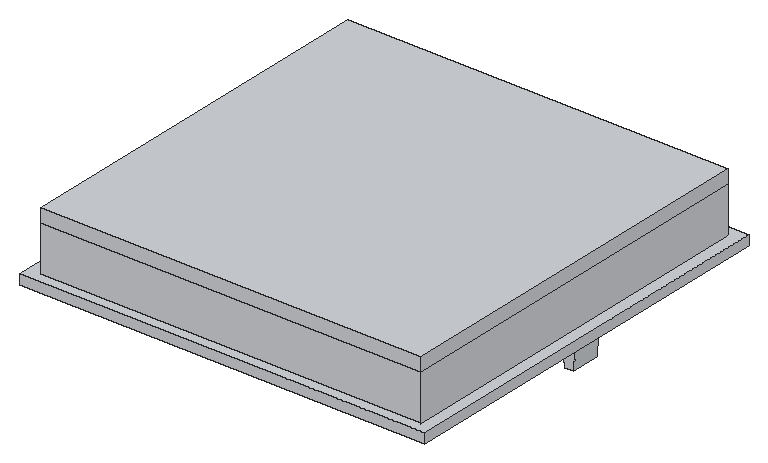
Revit family "Gira_028567", category Electrical Fixtures, host Face, Revit 2017
Family settings
  Host = Face
  Maintain Annotation Orientation = No
  Round Connector Dimension = Use Diameter
  Part Type = Normal
  Cut with Voids When Loaded = No
  Shared = No
  Room Calculation Point = No
Parameters (values of type "Wippe Symb. Licht Gira TX_44 (WG UP) Anthrazit")
  Werkstoffgüte = "sonstige"
  Werkstoff = "Kunststoff"
  Verwendung = "Schalter/Taster"
  URL = "http://katalog.gira.de/de_DE/datenblatt.html?artikelnr=028567"
  Region = "DE"
  Oberfläche = "sonstige"
  Name = "Wippe Symb. Licht Gira TX_44 (WG UP) Anthrazit"
  Mit austauschbarer Linse/Symbol = "No"
  Mit Beschriftungsfeld = "No"
  Manufacturer URL = "https://www.gira.de/"
  Kontrollfenster/Lichtauslass = "No"
  Keynote = "TX44_Abdeckung_Schalten und Tasten"
  HeinzeBIM = "https://bimportal.heinze.de/bim/wippe-symb-licht-gira-tx-44-wg-up-anthrazit/ee6c3b66155416c34184b9f64c1e6d5bc438c8db"
  Halogenfrei = "No"
  HAN = "028567"
  Geeignet für Schutzart (IP) = "IP44"
  Geeignet für Bussystem-Tasterankopplung = "No"
  GTIN = "4010337285670"
  Farbe = "anthrazit"
  Default Elevation = 1219.2 mm
  Data sheet (1) = "https://katalog.gira.de/de_DE/download.html?artikelnr=028567"
  Category = "Abdeckung/Bedienelement für Installationsschalterprogramme"
  Befestigungsart = "Klemm-/Schraubbefestigung"
  Available = "Yes"
  Ausführung = "einteilige Wippe"
  Aufdruck/Kennzeichnung = "Symbol \"Licht\""
  Abtastbares Symbol/barrierefrei = "No"
Reference planes
  plane 1 "Center (Front/Back)": y = 0
  plane 2: z = 0
  plane 3 "Center (Left/Right)": x = 0
Forms (mm)
  Extrusion 1, solid, detail levels fine
    sketch origin (0, 0, 0) x (1, 0, 0) y (0, 1, 0)
      loop
        line (34.85, 34.85) -> (-34.85, 34.85) -> (-34.85, -34.85) -> (34.85, -34.85) -> (34.85, 34.85)
      loop
        line (-31.45, 31.8) -> (-31.45, -31.8) -> (31.45, -31.8) -> (31.45, 31.8) -> (-31.45, 31.8)
    from 0 to 1.7
  Extrusion 2, solid, detail levels fine
    sketch origin (0, 0, 0) x (1, 0, 0) y (0, 1, 0)
      loop
        line (32.8, 33.05) -> (-32.8, 33.05) -> (-32.8, -33.05) -> (32.8, -33.05) -> (32.8, 33.05)
      loop
        line (-31.45, 31.8) -> (-31.45, -31.8) -> (31.45, -31.8) -> (31.45, 31.8) -> (-31.45, 31.8)
    from 1.566 to 9.515
  Extrusion 3, solid, detail levels fine
    sketch origin (0, 0, 0) x (1, 0, 0) y (0, 1, 0)
      loop
        line (32.8, 33.05) -> (-32.8, 33.05) -> (-32.8, -33.05) -> (32.8, -33.05) -> (32.8, 33.05)
    from 9.515 to 11.816
  Extrusion 4, solid, detail levels fine
    sketch origin (0, 0, 0) x (1, 0, 0) y (0, 0, 1)
      loop
        line (-32.815, 0) -> (-34.827, 0) -> (-34.611, -3.084) -> (-33.031, -3.084) -> (-32.815, 0)
      loop
        line (32.815, 0) -> (33.031, -3.084) -> (34.611, -3.084) -> (34.827, 0) -> (32.815, 0)
    from -2.513 to 2.5
  Extrusion 5, solid, detail levels fine
    sketch origin (0, 0, 0) x (1, 0, 0) y (0, 1, 0)
      loop
        spline (-23.686, 23.152) -> (-23.856, 23.114) -> (-24.022, 23.062) -> (-24.184, 22.995) -> (-24.338, 22.915) -> (-24.486, 22.821) -> (-24.624, 22.715) -> (-24.753, 22.597) -> (-24.87, 22.468) -> (-24.977, 22.33) -> (-25.07, 22.183) -> (-25.151, 22.028) -> (-25.218, 21.867)
        line (-25.218, 21.867) -> (-29.35, 10.513) -> (-29.35, -10.487) -> (-25.218, -21.841)
        spline (-25.218, -21.841) -> (-25.151, -22.002) -> (-25.07, -22.156) -> (-24.977, -22.304) -> (-24.87, -22.442) -> (-24.753, -22.571) -> (-24.624, -22.688) -> (-24.486, -22.795) -> (-24.338, -22.888) -> (-24.184, -22.969) -> (-24.022, -23.036) -> (-23.856, -23.088) -> (-23.686, -23.126)
        line (-23.686, -23.126) -> (0, -27.302) -> (23.686, -23.126)
        spline (23.686, -23.126) -> (23.856, -23.088) -> (24.022, -23.036) -> (24.184, -22.969) -> (24.338, -22.888) -> (24.486, -22.795) -> (24.624, -22.688) -> (24.753, -22.571) -> (24.87, -22.442) -> (24.977, -22.304) -> (25.07, -22.156) -> (25.151, -22.002) -> (25.218, -21.841)
        line (25.218, -21.841) -> (29.35, -10.487) -> (29.35, 10.513) -> (25.218, 21.867)
        spline (25.218, 21.867) -> (25.151, 22.028) -> (25.07, 22.183) -> (24.977, 22.33) -> (24.87, 22.468) -> (24.753, 22.597) -> (24.624, 22.715) -> (24.486, 22.821) -> (24.338, 22.915) -> (24.184, 22.995) -> (24.022, 23.062) -> (23.856, 23.114) -> (23.686, 23.152)
        line (23.686, 23.152) -> (0, 27.328) -> (-23.686, 23.152)
      loop
        line (-24.278, 21.525) -> (-28.35, 10.337) -> (-28.35, -10.311) -> (-24.278, -21.498)
        spline (-24.278, -21.498) -> (-24.245, -21.579) -> (-24.204, -21.656) -> (-24.157, -21.73) -> (-24.104, -21.799) -> (-24.045, -21.863) -> (-23.981, -21.922) -> (-23.912, -21.976) -> (-23.838, -22.022) -> (-23.761, -22.063) -> (-23.68, -22.096) -> (-23.597, -22.122) -> (-23.512, -22.141)
        line (-23.512, -22.141) -> (0, -26.287) -> (23.512, -22.141)
        spline (23.512, -22.141) -> (23.597, -22.122) -> (23.68, -22.096) -> (23.761, -22.063) -> (23.838, -22.022) -> (23.912, -21.976) -> (23.981, -21.922) -> (24.045, -21.863) -> (24.104, -21.799) -> (24.157, -21.73) -> (24.204, -21.656) -> (24.245, -21.579) -> (24.278, -21.498)
        line (24.278, -21.498) -> (28.35, -10.311) -> (28.35, 10.337) -> (24.278, 21.525)
        spline (24.278, 21.525) -> (24.245, 21.605) -> (24.204, 21.683) -> (24.157, 21.756) -> (24.104, 21.825) -> (24.045, 21.89) -> (23.981, 21.949) -> (23.912, 22.002) -> (23.838, 22.048) -> (23.761, 22.089) -> (23.68, 22.122) -> (23.597, 22.148) -> (23.512, 22.167)
        line (23.512, 22.167) -> (0, 26.313) -> (-23.512, 22.167)
        spline (-23.512, 22.167) -> (-23.597, 22.148) -> (-23.68, 22.122) -> (-23.761, 22.089) -> (-23.838, 22.048) -> (-23.912, 22.002) -> (-23.981, 21.949) -> (-24.045, 21.89) -> (-24.104, 21.825) -> (-24.157, 21.756) -> (-24.204, 21.683) -> (-24.245, 21.605) -> (-24.278, 21.525)
    from 4.866 to 9.515
  Extrusion 6, solid, detail levels fine
    sketch origin (0, 0, 0) x (1, 0, 0) y (0, 1, 0)
      loop
        arc (0, 8.51) -> (-1.055, 8.223) -> (-1.717, 7.352) r 1.7
        line (-1.717, 7.352) -> (-2.205, 5.894) -> (-2.205, 4.213) -> (-4.36, 4.213)
        arc (-4.36, 4.213) -> (-4.865, 4.091) -> (-5.257, 3.75) r 1.1
        arc (-5.257, 3.75) -> (-6.02, 2.328) -> (-6.406, 0.761) r 6.45
        arc (-6.406, 0.761) -> (-6.7, 0.013) -> (-6.406, -0.735) r 1.1
        arc (-6.406, -0.735) -> (-6.02, -2.302) -> (-5.257, -3.724) r 6.45
        arc (-5.257, -3.724) -> (-4.865, -4.064) -> (-4.36, -4.187) r 1.1
        line (-4.36, -4.187) -> (-2.1, -4.187) -> (-2.1, -5.243)
        arc (-2.1, -5.243) -> (-1.847, -5.944) -> (-1.206, -6.323) r 1.1
        arc (-1.206, -6.323) -> (0, -6.437) -> (1.206, -6.323) r 6.45
        arc (1.206, -6.323) -> (1.847, -5.944) -> (2.1, -5.243) r 1.1
        line (2.1, -5.243) -> (2.1, -4.187) -> (4.36, -4.187)
        arc (4.36, -4.187) -> (4.865, -4.064) -> (5.257, -3.724) r 1.1
        arc (5.257, -3.724) -> (6.02, -2.302) -> (6.406, -0.735) r 6.45
        arc (6.406, -0.735) -> (6.7, 0.013) -> (6.406, 0.761) r 1.1
        arc (6.406, 0.761) -> (6.02, 2.328) -> (5.257, 3.75) r 6.45
        arc (5.257, 3.75) -> (4.865, 4.091) -> (4.36, 4.213) r 1.1
        line (4.36, 4.213) -> (2.205, 4.213) -> (2.205, 5.894) -> (1.717, 7.352)
        arc (1.717, 7.352) -> (1.055, 8.223) -> (0, 8.51) r 1.7
    from -6.834 to 9.515
  Extrusion 7, solid, detail levels coarse
    sketch origin (0, 0, 0) x (1, 0, 0) y (0, 1, 0)
      loop
        line (34.85, 34.85) -> (-34.85, 34.85) -> (-34.85, -34.85) -> (34.85, -34.85) -> (34.85, 34.85)
    from -6.834 to 11.816
  Extrusion 8, solid, detail levels medium
    sketch origin (0, 0, 0) x (1, 0, 0) y (0, 1, 0)
      loop
        line (32.8, 33.05) -> (-32.8, 33.05) -> (-32.8, -33.05) -> (32.8, -33.05) -> (32.8, 33.05)
    from 1.566 to 11.816
  Extrusion 9, solid, detail levels medium
    sketch origin (0, 0, 0) x (1, 0, 0) y (0, 1, 0)
      loop
        line (34.85, 34.85) -> (-34.85, 34.85) -> (-34.85, -34.85) -> (34.85, -34.85) -> (34.85, 34.85)
    from 0 to 1.7
  Extrusion 10, solid, detail levels medium
    sketch origin (0, 0, 0) x (1, 0, 0) y (0, 1, 0)
      loop
        circle (0, 1.036) r 7.473
    from -6.834 to 9.515
  Extrusion 11, solid, detail levels medium
    sketch origin (0, 0, 0) x (1, 0, 0) y (0, 0, 1)
      loop
        line (-32.815, -3.084) -> (-32.815, 0) -> (-34.827, 0) -> (-34.827, -3.084) -> (-32.815, -3.084)
      loop
        line (32.815, -3.084) -> (34.827, -3.084) -> (34.827, 0) -> (32.815, 0) -> (32.815, -3.084)
    from -2.513 to 2.5
Dimensions and locks
  aligned and locked: plane 2 to host face
  aligned and locked: level to host face
